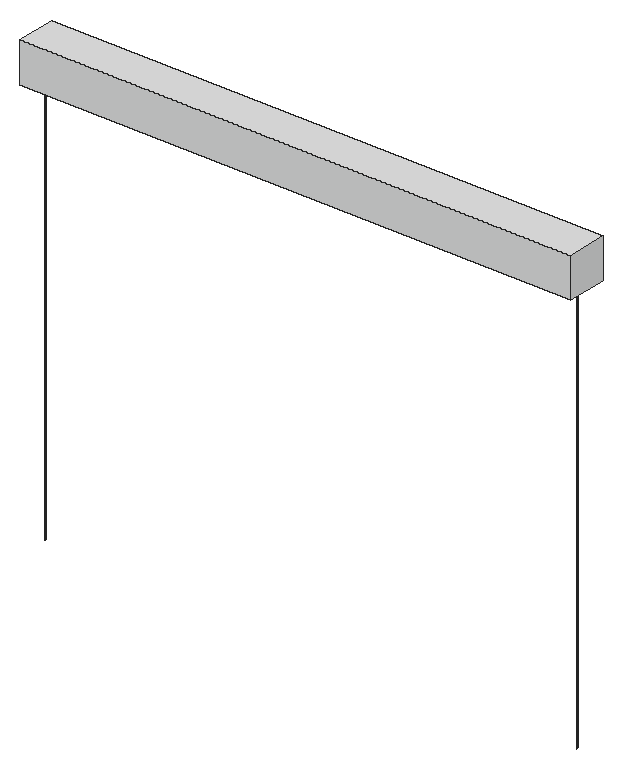
Revit family "Lighting-Suspended-Amerlux-Linea 3.5 ", category Lighting Fixtures, host Face, Revit 2017
Family settings
  Host = Face
  Round Connector Dimension = Use Diameter
  Part Type = Normal
  Cut with Voids When Loaded = No
  Light Source = Yes
  Shared = No
  Room Calculation Point = No
Parameters (values of type "Linea 3.5"")
  Width = 0' - 3 7/16"
  Wattage = 9.2903 W
  built-in parameter 1150110 = 1 (stored number, unit not read)
  Voltage = 0 V
  URL = "http://www.amerlux.com/"
  built-in parameter 1114217 = 1 (stored number, unit not read)
  Tilt Angle = -90.00°
  built-in parameter 1150109 = 1 (stored number, unit not read)
  built-in parameter 1150134 = 3
  Suspension Length [instance] = 3' - 0"
  built-in parameter 1150113 = 1 (stored number, unit not read)
  Right Cable [instance] = yes
  Power Factor = 1
  Photometric Web File = "Load File"
  Number of Poles = 1
  built-in parameter 1150142 = (empty or 0)
  Model = "Lin3.5"
  Manufacturer = "Amerlux"
  built-in parameter 1150105 = 109.82 (stored number, unit not read)
  Lumens = 1380 lm
  built-in parameter 1150115 = 1 (stored number, unit not read)
  built-in parameter 1150137 = (empty or 0)
  built-in parameter 1150139 = (empty or 0)
  Length = 4' - 0"
  Left Cable [instance] = yes
  built-in parameter 1150112 = 1 (stored number, unit not read)
  built-in parameter 1150114 = 1 (stored number, unit not read)
  built-in parameter 1150132 = (empty or 0)
  built-in parameter 1150102 = (empty or 0)
  built-in parameter 1150107 = 3200 (stored number, unit not read)
  built-in parameter 1150138 = (empty or 0)
  built-in parameter 1150106 = 1.0982 (stored number, unit not read)
  Fixture Finish = Aluminum Finish
  Emit from Line Length = Length  # 4' - 0"
  built-in parameter 1150104 = 13.8 (stored number, unit not read)
  Dimming Lamp Color Temperature Shift = <None>
  Description = "Linear Direct LED"
  Default Elevation = 4' - 0"
  Color Filter = 16777215
  built-in parameter 1114218 = 1 (stored number, unit not read)
  built-in parameter 1150133 = 10 (stored number, unit not read)
  Apparent Load = 0 VA
Reference planes (in)
  plane 1 "Center (Front/Back)": y = 0
  plane 2: z = 0
  plane 3 "Center (Left/Right)": x = 0
  plane 4: y = -1.71875
  plane 5: y = 1.71875
  plane 6: z = 36
  plane 7: x = -24
  plane 8: x = 24
Forms (in)
  Extrusion 1, solid, material "Aluminum Finish", visible <- "Right Cable"
    sketch origin (5.6875, 0, 0) x (1, 0, 0) y (0, 1, 0)
      loop
        circle (17.5, 0) r 0.06219
    from 0 to 36
  Extrusion 2, solid, material "Aluminum Finish" <- "Fixture Finish"
    sketch origin (0, 0, 0) x (0, 1, 0) y (0, 0, 1)
      loop
        line (1.71875, 39.5) -> (-1.71875, 39.5) -> (-1.71875, 36) -> (1.71875, 36) -> (1.71875, 39.5)
    from -24 to 24
  Extrusion 3, solid, material "Aluminum Finish", visible <- "Left Cable"
    sketch origin (-5.6875, 0, 0) x (-1, 0, 0) y (0, -1, 0)
      loop
        circle (17.5, 0) r 0.06219
    from 0 to 36
Dimensions and locks (in)
  "Suspension Length": plane 6 to host face
  equal spacing: plane 5, plane 1 "Center (Front/Back)", plane 4
  "Width": plane 5 to plane 4
  equal spacing: plane 7, plane 3 "Center (Left/Right)", plane 8
  "Length": plane 7 to plane 8
  locked: Extrusion 1 to plane 8 at 0.75031
  locked: plane 7 to Extrusion 3 at 0.75031
  locked: Extrusion 2 sketch curve to Extrusion 2 sketch curve at 3.5
  aligned and locked: plane 2 to host face
  aligned and locked: level to host face
  aligned and locked: Extrusion 1 to level
  aligned and locked: Extrusion 2 to plane 7
  aligned and locked: plane 8 to Extrusion 2
  aligned and locked: plane 6 to Extrusion 3
  aligned and locked: plane 6 to Extrusion 1
  aligned and locked: plane 5 to Extrusion 2 sketch curve
  aligned and locked: Extrusion 2 sketch curve to plane 6
  aligned and locked: Extrusion 2 sketch curve to plane 4
  aligned and locked: imposter light to Extrusion 2
Automatic sketch dimensions
  host sketch curve to host sketch curve = 8' - 0"  (x2)
  plane 1 "Center (Front/Back)" to Extrusion 1 sketch curve = 0' - 0"
  Extrusion 1 sketch curve to plane 8 = 0' - 0 13/16"
  plane 1 "Center (Front/Back)" to Extrusion 3 sketch curve = 0' - 0"
  Extrusion 3 sketch curve to plane 7 = 0' - 0 13/16"
  radius of Extrusion 1 sketch curve = 0' - 0.06219"
  radius of Extrusion 3 sketch curve = 0' - 0.06219"
Connectors (in)
  electrical at (24, 0, 37.75), driven by "Number of Poles", driven by "Voltage", driven by "Apparent Load", driven by "Power Factor"
    settings: on Extrusion 2, index 1, voltage 0 V, apparent load 0 VA, apparent load phase1 0 VA, apparent load phase2 0 VA, apparent load phase3 0 VA, power factor 1, load classification "Other", number of poles 1, system type 31, power factor state 1, is connector primary yes, connector utility no, sub classification motor no, connector description "Power"
